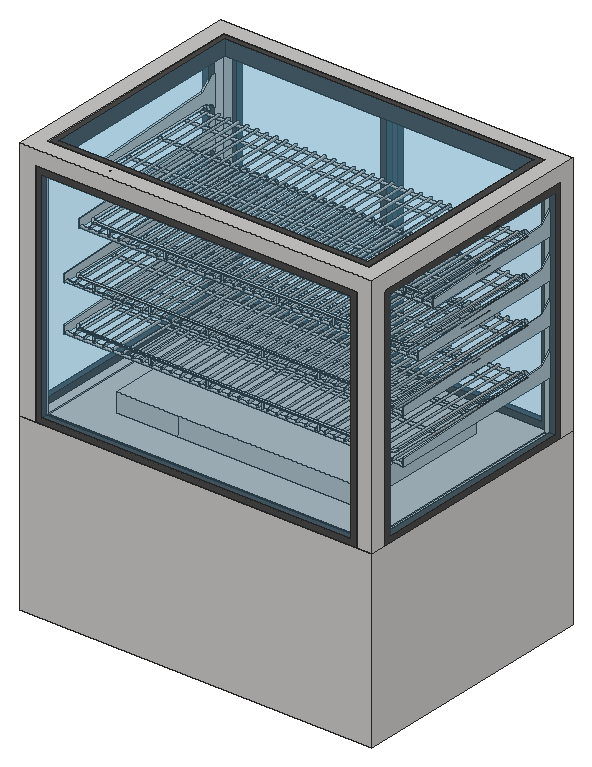
Revit family "QF_FESTIVE_RH9", category Specialty Equipment, Revit 2020
Family settings
  Round Connector Dimension = Use Diameter
  Part Type = Normal
  Work Plane-Based = No
  Always vertical = Yes
  Cut with Voids When Loaded = No
  Shared = No
  Room Calculation Point = No
Parameters (values of type "RH9_220-240/50/1")
  Weight in Kilograms = 140
  Watts = if(Phase = 3, Volts * FL Amps * 1.73, Volts * FL Amps)  # 2024 W
  Volts = 220 V
  URL Cutsheet = ""
  Specification by User = ""
  Specification by Manufacturer = ""
  Shelf Length [instance] = Length - 30 mm  # 870 mm
  Serial Number = ""
  Seismic Rating = ""
  SMACNA No = ""
  Revision Code = ""
  Phase = 1
  Number of Poles = 1
  NAFEM Spec ID Number = ""
  Model = "RH9"
  Min Ckt Ampacity = 0 A
  Max Overcurrent Protection = 0 A
  Masterspec = ""
  Manufacturer = "FESTIVE"
  Length = 900 mm
  Item Number = ""
  Installed By = ""
  Identify Quantity as Lot = yes
  Height = 1095 mm
  HP = ""
  Furnished By = ""
  Foodservice Equipment Identifier = yes
  FL Amps = 9.2 A
  Electrical Remarks = ""
  Electric Connection Type = ""
  Elec Conn RI Height = 0 mm
  Elec Conn Connection Height = 0 mm
  Description = "REGENT: HEATED"
  Depth = 640 mm
  Default Elevation = 0 mm
  Cycle = 50 Hz
  Control Panel B = Length > 600 mm  # yes
  Control Panel A = Length = 600 mm  # no
  Conn Plug = "10A Plug"
  Conn Conduit = yes
  CSI MasterFormat = ""
  Base Cover 2 [instance] = Length = 1530 mm  # no
  Base Cover 1 [instance] = Length < 1201 mm  # yes
  Apparent Power = if(Phase = 3, Volts * FL Amps * 1.73, Volts * FL Amps)  # 2024 VA
Reference planes
  plane 1 "BACK": y = 0
  plane 2: z = 0
  plane 3 "LEFT": x = 0
  plane 4 "RIGHT": x = 900
  plane 5 "FRONT": y = -640
  plane 6 "TOP": z = 1095
  plane 7 "Center Y": x = 450
  plane 8 "Center X": y = -320
  plane 9: z = 470
  plane 10: z = 25.4
  plane 11: x = 40
  plane 12: x = 860
  plane 13: x = 15
  plane 14: x = 885
  plane 15: x = 807.5
  plane 16: x = 92.5
  plane 17: y = 15
Forms (mm)
  Extrusion 1, solid, material "QF_Metal - Stainless - Brushed"
    sketch origin (-6096, 34.743, 25.4) x (0, 1, 0) y (-1, 0, 0)
      loop
        line (-34.743, -6096) -> (-674.743, -6096) -> (-674.743, -6996) -> (-34.743, -6996) -> (-34.743, -6956) -> (-634.743, -6956) -> (-634.743, -6136) -> (-34.743, -6136) -> (-34.743, -6096)
    from 0 to 444.6
  Extrusion 2, solid, material "QF_Plastic - Black - Smooth"
    sketch origin (0, 0, 0) x (0, 1, 0) y (0, 0, 1)
      loop
        line (-40, 1055) -> (-600, 1055) -> (-600, 470) -> (-40, 470) -> (-40, 1055)
      loop
        line (-55, 1040) -> (-585, 1040) -> (-585, 485) -> (-55, 485) -> (-55, 1040)
    from 0 to 15
  Extrusion 3, solid, material "QF_Metal - Stainless - Brushed"
    sketch origin (-6096, 152.961, 470) x (0, 1, 0) y (-1, 0, 0)
      loop
        line (-792.961, -6096) -> (-792.961, -6136) -> (-752.961, -6136) -> (-752.961, -6096) -> (-792.961, -6096)
      loop
        line (-792.961, -6996) -> (-752.961, -6996) -> (-752.961, -6956) -> (-792.961, -6956) -> (-792.961, -6996)
      loop
        line (-152.961, -6996) -> (-152.961, -6956) -> (-192.961, -6956) -> (-192.961, -6996) -> (-152.961, -6996)
      loop
        line (-152.961, -6096) -> (-192.961, -6096) -> (-192.961, -6136) -> (-152.961, -6136) -> (-152.961, -6096)
    from 0 to 625
  Extrusion 4, solid, material "QF_Metal - Stainless - Brushed"
    sketch origin (-975.299, -4572, 1095) x (-1, 0, 0) y (0, -1, 0)
      loop
        line (-1015.299, -3972) -> (-1835.299, -3972) -> (-1835.299, -4532) -> (-1015.299, -4532) -> (-1015.299, -3972)
      loop
        line (-975.299, -4572) -> (-975.299, -3932) -> (-1875.299, -3932) -> (-1875.299, -4572) -> (-975.299, -4572)
    from 0 to -40
  Extrusion 5, solid, material "Glass"
    sketch origin (0, 0, 0) x (0, 1, 0) y (0, 0, 1)
      loop
        line (-55, 1040) -> (-585, 1040) -> (-585, 485) -> (-55, 485) -> (-55, 1040)
    from 0 to 15
  Extrusion 6, solid, material "QF_Plastic - Black - Smooth"
    sketch origin (900, 0, 0) x (0, -1, 0) y (0, 0, 1)
      loop
        line (40, 1055) -> (40, 470) -> (600, 470) -> (600, 1055) -> (40, 1055)
      loop
        line (55, 1040) -> (55, 485) -> (585, 485) -> (585, 1040) -> (55, 1040)
    from 0 to 15
  Extrusion 7, solid, material "QF_Plastic - Black - Smooth"
    sketch origin (0, -640, 0) x (1, 0, 0) y (0, 0, 1)
      loop
        line (40, 1055) -> (40, 470) -> (860, 470) -> (860, 1055) -> (40, 1055)
      loop
        line (845, 1040) -> (55, 1040) -> (55, 485) -> (845, 485) -> (845, 1040)
    from 0 to -15
  Extrusion 8, solid, material "QF_Plastic - Black - Smooth"
    sketch origin (0, 0, 0) x (1, 0, 0) y (0, 0, 1)
      loop
        line (40, 1055) -> (40, 470) -> (465, 470) -> (465, 1055) -> (40, 1055)
      loop
        line (55, 1040) -> (55, 485) -> (450, 485) -> (450, 1040) -> (55, 1040)
    from 0 to 15
  Extrusion 9, solid, material "Glass"
    sketch origin (0, 0, 0) x (1, 0, 0) y (0, 0, 1)
      loop
        line (55, 1040) -> (55, 485) -> (450, 485) -> (450, 1040) -> (55, 1040)
    from 0 to 15
  Extrusion 10, solid, material "QF_Plastic - Black - Smooth"
    sketch origin (600, 0, 0) x (-1, 0, 0) y (0, 0, -1)
      loop
        line (-260, -1055) -> (165, -1055) -> (165, -470) -> (-260, -470) -> (-260, -1055)
      loop
        line (-245, -1040) -> (150, -1040) -> (150, -485) -> (-245, -485) -> (-245, -1040)
    from 15 to 30
  Extrusion 11, solid, material "Glass"
    sketch origin (600, 0, 0) x (-1, 0, 0) y (0, 0, -1)
      loop
        line (-245, -1040) -> (150, -1040) -> (150, -485) -> (-245, -485) -> (-245, -1040)
    from 15 to 30
  Extrusion 12, solid, material "QF_Plastic - Black - Smooth"
    sketch origin (-975.299, -4572, 1095) x (-1, 0, 0) y (0, -1, 0)
      loop
        line (-1015.299, -4532) -> (-1015.299, -3972) -> (-1835.299, -3972) -> (-1835.299, -4532) -> (-1015.299, -4532)
      loop
        line (-1820.299, -4517) -> (-1030.299, -4517) -> (-1030.299, -3987) -> (-1820.299, -3987) -> (-1820.299, -4517)
    from 0 to -40
  Extrusion 13, solid, material "Glass"
    sketch origin (-975.299, -4572, 1095) x (-1, 0, 0) y (0, -1, 0)
      loop
        line (-1820.299, -4517) -> (-1030.299, -4517) -> (-1030.299, -3987) -> (-1820.299, -3987) -> (-1820.299, -4517)
    from 0 to -40
  Extrusion 14, solid, material "Glass"
    sketch origin (900, 0, 0) x (0, -1, 0) y (0, 0, 1)
      loop
        line (55, 1040) -> (55, 485) -> (585, 485) -> (585, 1040) -> (55, 1040)
    from 0 to 15
  Extrusion 15, solid, material "Glass"
    sketch origin (0, -640, 0) x (1, 0, 0) y (0, 0, 1)
      loop
        line (845, 1040) -> (55, 1040) -> (55, 485) -> (845, 485) -> (845, 1040)
    from 0 to -15
  Extrusion 16, solid, material "QF_Metal - Stainless - Brushed"
    sketch origin (0, 0, 0) x (1, 0, 0) y (0, 0, 1)
      loop
        line (860, 376.925) -> (40, 376.925) -> (40, 70.07) -> (145, 70.07) -> (145, 31.8) -> (755, 31.8) -> (755, 69.875) -> (860, 69.875) -> (860, 376.925)
    from 0 to 600
  Extrusion 17, solid
    sketch origin (0, 0, 0) x (-1, 0, 0) y (0, 0, 1)
      loop
        circle (-745, 36.8) r 5
    from 0 to 3.2
  Extrusion 18, solid, material "QF_Metal - Stainless - Brushed"
    sketch origin (860, 0, 25.4) x (1, 0, 0) y (0, 0, -1)
      loop
        line (0, -351.525) -> (-820, -351.525) -> (-820, -444.6) -> (0, -444.6) -> (0, -351.525)
    from 0 to -600
  Extrusion 19, solid, material "QF_Metal - Stainless - Brushed", visible <- "Base Cover 1"
    sketch origin (-6096, 34.743, 470) x (0, 1, 0) y (-1, 0, 0)
      loop
        line (-165.755, -6396) -> (-165.755, -6238.5) -> (-544.743, -6238.5) -> (-544.743, -6396) -> (-544.743, -6853.5) -> (-165.755, -6853.5) -> (-165.755, -6396)
    from 0 to 48.344
  Extrusion 20, solid, material "QF_Metal - Stainless - Brushed"
    sketch origin (860, 0, 25.4) x (1, 0, 0) y (0, 0, -1)
      loop
        line (0, 0) -> (-820, 0) -> (-820, -6.4) -> (0, -6.4) -> (0, 0)
    from 0 to -3.2
  Extrusion 21, solid, material "QF_Metal - Stainless - Brushed", visible <- "Control Panel A"
    sketch origin (-6.051, 0, -9.342) x (1, 0, 0) y (0, 0, -1)
      loop
        line (852.174, -234.892) -> (852.174, -112.427) -> (755.436, -112.427) -> (755.436, -234.892) -> (852.174, -234.892)
    from 0 to 15
  Extrusion 22, solid, material "QF_Metal - Stainless - Brushed", visible <- "Control Panel B"
    sketch origin (893.949, 0, 447.758) x (0, 0, -1) y (-1, 0, 0)
      loop
        line (254.6, 250) -> (254.6, 47.826) -> (344.673, 47.826) -> (344.673, 250) -> (254.6, 250)
    from 0 to 15
  Extrusion 23, solid, material "QF_Metal - Stainless - Brushed", visible <- "Control Panel B", not visible
    sketch origin (600, 9875.408, 470) x (0, 0, -1) y (-1, 0, 0)
      loop
        line (254.6, 250) -> (254.6, 47.826) -> (344.673, 47.826) -> (344.673, 250) -> (254.6, 250)
    from 0 to 15
  Extrusion 24, solid, material "QF_Metal - Stainless - Brushed", visible <- "Base Cover 2"
    sketch origin (-6096, 34.743, 470) x (0, 1, 0) y (-1, 0, 0)
      loop
        line (-165.755, -6526) -> (-165.755, -6238.5) -> (-544.743, -6238.5) -> (-544.743, -6526) -> (-165.755, -6526)
      loop
        line (-544.743, -6853.5) -> (-165.755, -6853.5) -> (-165.755, -6566) -> (-544.743, -6566) -> (-544.743, -6853.5)
    from 0 to 48.344
Cuts and joins
  joined: Extrusion 3, Extrusion 4
Lines and regions (mm)
  Split face 1
    outline origin (-5.426, 15, -8.092) x (1, 0, 0) y (0, 0, -1)
      loop
        line (840.469, -208.689) -> (840.469, -174.314) -> (765.469, -174.314) -> (765.469, -208.689) -> (840.469, -208.689)
  Split face 2
    outline origin (-3.022, 15, -60.598) x (1, 0, 0) y (0, 0, -1)
      loop
        line (826.804, -215.73) -> (826.804, -182.915) -> (814.946, -182.915) -> (814.946, -215.73) -> (826.804, -215.73)
  Split face 3
    outline origin (1001.969, 15, 41.914) x (-1, 0, 0) y (0, 0, 1)
      loop
        line (226.804, 113.218) -> (214.946, 113.218) -> (214.946, 80.403) -> (226.804, 80.403) -> (226.804, 113.218)
  Split face 4
    outline origin (893.949, 15, 447.758) x (0, 0, -1) y (-1, 0, 0)
      loop
        line (281.242, 193.932) -> (281.242, 182.074) -> (314.057, 182.074) -> (314.057, 193.932) -> (281.242, 193.932)
  Split face 5
    outline origin (893.949, 15, 447.758) x (0, 0, -1) y (-1, 0, 0)
      loop
        line (281.242, 224.579) -> (281.242, 212.721) -> (314.057, 212.721) -> (314.057, 224.579) -> (281.242, 224.579)
  Split face 6
    outline origin (893.949, 15, 447.758) x (0, 0, -1) y (-1, 0, 0)
      loop
        line (278.739, 83.03) -> (313.114, 83.03) -> (313.114, 158.03) -> (278.739, 158.03) -> (278.739, 83.03)
  symbolic lines
    curve 1: line (0, 0, 1095) -> (900, 0, 1095)
    curve 2: line (0, -640, 1095) -> (0, 0, 1095)
    curve 3: line (900, -640, 1095) -> (0, -640, 1095)
    curve 4: line (900, 0, 1095) -> (900, -640, 1095)
    curve 5: line (40, -40, 1095) -> (860, -40, 1095)
    curve 6: line (40, -600, 1095) -> (40, -40, 1095)
    curve 7: line (860, -600, 1095) -> (40, -600, 1095)
    curve 8: line (860, -40, 1095) -> (860, -600, 1095)
    curve 9: line (55, -55, 1095) -> (845, -55, 1095)
    curve 10: line (55, -585, 1095) -> (55, -55, 1095)
    curve 11: line (845, -585, 1095) -> (55, -585, 1095)
    curve 12: line (845, -55, 1095) -> (845, -585, 1095)
  symbolic lines, visible <- "Control Panel A"
    curve 13: line (749.385, 15, 1240) -> (749.385, 0, 1240)
    curve 14: line (846.124, 15, 1240) -> (749.385, 15, 1240)
    curve 15: line (846.124, 0, 1240) -> (846.124, 15, 1240)
  symbolic lines, visible <- "Control Panel B"
    curve 16: line (643.949, 15, 1240) -> (643.949, 0, 1240)
    curve 17: line (846.124, 15, 1240) -> (643.949, 15, 1240)
    curve 18: line (846.124, 0, 1240) -> (846.124, 15, 1240)
  symbolic lines, visible <- "Control Panel B", not visible
    curve 19: line (350, 9890.408, 1262.242) -> (350, 9875.408, 1262.242)
    curve 20: line (552.174, 9890.408, 1262.242) -> (350, 9890.408, 1262.242)
    curve 21: line (552.174, 9875.408, 1262.242) -> (552.174, 9890.408, 1262.242)
Dimensions and locks
  equal spacing: plane 3 "LEFT", plane 7 "Center Y", plane 4 "RIGHT"
  "Length": plane 3 "LEFT" to plane 4 "RIGHT"
  equal spacing: plane 5 "FRONT", plane 8 "Center X", plane 1 "BACK"
  "Depth": plane 5 "FRONT" to plane 1 "BACK"
  "Height": plane 6 "TOP" to level
  plane 6 "TOP" to plane 9 to level = 625 mm, 470 mm
  plane 1 "BACK" to plane 5 "FRONT" = 640 mm
  locked: plane 11 to plane 3 "LEFT" at 40
  locked: plane 12 to plane 4 "RIGHT" at 40
  locked: plane 3 "LEFT" to plane 13 at 15
  locked: plane 4 "RIGHT" to plane 14 at 15
  locked: plane 5 "FRONT" to nested 5 at 45
  locked: plane 5 "FRONT" to nested 4 at 45
  locked: plane 15 to plane 4 "RIGHT" at 92.5
  locked: plane 16 to plane 3 "LEFT" at 92.5
  plane 16 to Extrusion 19 sketch curve = 50 mm
  plane 1 "BACK" to plane 17 = 15 mm
  locked: plane 4 "RIGHT" to Extrusion 22 at 53.876
  Extrusion 24 sketch curve to plane 7 "Center Y" to Extrusion 24 sketch curve = 20 mm locked, 20 mm locked
  aligned and locked: level to plane 2
  aligned and locked: plane 9 to Extrusion 1
  aligned and locked: plane 6 "TOP" to Extrusion 3
  aligned and locked: plane 16 to nested 3
  aligned and locked: plane 16 to nested 4
  aligned and locked: nested 6 to plane 15
  aligned and locked: nested 5 to plane 15
  aligned and locked: Extrusion 1 to Extrusion 18 sketch curve
  aligned and locked: Extrusion 18 sketch curve to Extrusion 1
  aligned and locked: plane 11 to Extrusion 20 sketch curve
Automatic sketch dimensions
  Extrusion 22 sketch curve to Extrusion 22 sketch curve = 90.073 mm
  Extrusion 22 sketch curve to Extrusion 22 sketch curve = 202.174 mm
  Extrusion 23 sketch curve to Extrusion 23 sketch curve = 90.073 mm
  Extrusion 23 sketch curve to Extrusion 23 sketch curve = 202.174 mm
  curve 17 to curve 17 = 202.174 mm
  curve 17 to curve 18 = 15 mm
  curve 16 to curve 16 = 15 mm
  curve 20 to curve 20 = 202.174 mm
  curve 20 to curve 21 = 15 mm
  curve 19 to curve 19 = 15 mm
  Extrusion 1 sketch curve to plane 3 "LEFT" = 0 mm
  plane 5 "FRONT" to Extrusion 1 sketch curve = 0 mm
  Extrusion 1 sketch curve to plane 12 = 0 mm
  Extrusion 1 sketch curve to plane 11 = 0 mm
  plane 1 "BACK" to Extrusion 1 sketch curve = 0 mm  (x2)
  Extrusion 1 sketch curve to plane 4 "RIGHT" = 0 mm
  Extrusion 1 sketch curve to plane 5 "FRONT" = 40 mm
  Extrusion 2 sketch curve to plane 9 = 0 mm
  Extrusion 2 sketch curve to plane 5 "FRONT" = 40 mm
  Extrusion 2 sketch curve to Extrusion 2 sketch curve = 15 mm  (x3)
  plane 9 to Extrusion 2 sketch curve = 15 mm
  plane 1 "BACK" to Extrusion 2 sketch curve = 55 mm
  Extrusion 2 sketch curve to plane 6 "TOP" = 55 mm
  Extrusion 3 sketch curve to plane 3 "LEFT" = 0 mm  (x2)
  plane 5 "FRONT" to Extrusion 3 sketch curve = 0 mm  (x2)
  Extrusion 3 sketch curve to plane 4 "RIGHT" = 0 mm  (x2)
  Extrusion 3 sketch curve to plane 11 = 0 mm  (x2)
  Extrusion 3 sketch curve to plane 12 = 0 mm  (x2)
  plane 1 "BACK" to Extrusion 3 sketch curve = 0 mm  (x2)
  Extrusion 3 sketch curve to plane 5 "FRONT" = 40 mm  (x2)
  Extrusion 3 sketch curve to Extrusion 3 sketch curve = 40 mm  (x2)
  plane 1 "BACK" to Extrusion 4 sketch curve = 0 mm
  Extrusion 4 sketch curve to plane 4 "RIGHT" = 0 mm
  Extrusion 4 sketch curve to plane 12 = 0 mm
  Extrusion 4 sketch curve to plane 11 = 0 mm
  Extrusion 4 sketch curve to plane 3 "LEFT" = 0 mm
  plane 5 "FRONT" to Extrusion 4 sketch curve = 0 mm
  plane 1 "BACK" to Extrusion 4 sketch curve = 40 mm
  Extrusion 4 sketch curve to plane 5 "FRONT" = 40 mm
  Extrusion 5 sketch curve to plane 5 "FRONT" = 55 mm
  plane 9 to Extrusion 5 sketch curve = 15 mm
  plane 1 "BACK" to Extrusion 5 sketch curve = 55 mm
  Extrusion 5 sketch curve to plane 6 "TOP" = 55 mm
  Extrusion 6 sketch curve to plane 9 = 0 mm
  plane 1 "BACK" to Extrusion 6 sketch curve = 40 mm
  Extrusion 6 sketch curve to Extrusion 6 sketch curve = 15 mm  (x3)
  plane 9 to Extrusion 6 sketch curve = 15 mm
  Extrusion 6 sketch curve to plane 5 "FRONT" = 55 mm
  Extrusion 6 sketch curve to plane 6 "TOP" = 55 mm
  Extrusion 7 sketch curve to plane 9 = 0 mm
  Extrusion 7 sketch curve to plane 11 = 0 mm
  plane 12 to Extrusion 7 sketch curve = 0 mm
  plane 11 to Extrusion 7 sketch curve = 15 mm
  plane 12 to Extrusion 7 sketch curve = 15 mm
  plane 9 to Extrusion 7 sketch curve = 15 mm
  Extrusion 7 sketch curve to plane 6 "TOP" = 55 mm
  Extrusion 7 sketch curve to Extrusion 7 sketch curve = 15 mm
  Extrusion 8 sketch curve to plane 9 = 0 mm
  Extrusion 8 sketch curve to plane 11 = 0 mm
  Extrusion 8 sketch curve to plane 7 "Center Y" = 0 mm
  plane 11 to Extrusion 8 sketch curve = 15 mm
  plane 7 "Center Y" to Extrusion 8 sketch curve = 15 mm
  plane 9 to Extrusion 8 sketch curve = 15 mm
  Extrusion 8 sketch curve to plane 6 "TOP" = 55 mm
  Extrusion 8 sketch curve to Extrusion 8 sketch curve = 15 mm
  Extrusion 9 sketch curve to plane 7 "Center Y" = 0 mm
  plane 11 to Extrusion 9 sketch curve = 15 mm
  plane 9 to Extrusion 9 sketch curve = 15 mm
  Extrusion 9 sketch curve to plane 6 "TOP" = 55 mm
  Extrusion 10 sketch curve to plane 9 = 0 mm
  plane 12 to Extrusion 10 sketch curve = 0 mm
  Extrusion 10 sketch curve to plane 7 "Center Y" = 0 mm
  Extrusion 10 sketch curve to plane 12 = 15 mm
  plane 7 "Center Y" to Extrusion 10 sketch curve = 15 mm
  Extrusion 10 sketch curve to plane 9 = 15 mm
  plane 6 "TOP" to Extrusion 10 sketch curve = 55 mm
  Extrusion 10 sketch curve to Extrusion 10 sketch curve = 15 mm
  Extrusion 11 sketch curve to plane 7 "Center Y" = 0 mm
  Extrusion 11 sketch curve to plane 12 = 15 mm
  Extrusion 11 sketch curve to plane 9 = 15 mm
  plane 6 "TOP" to Extrusion 11 sketch curve = 55 mm
  Extrusion 12 sketch curve to plane 12 = 0 mm
  Extrusion 12 sketch curve to plane 11 = 0 mm
  plane 12 to Extrusion 12 sketch curve = 15 mm
  plane 11 to Extrusion 12 sketch curve = 15 mm
  plane 1 "BACK" to Extrusion 12 sketch curve = 40 mm
  Extrusion 12 sketch curve to Extrusion 12 sketch curve = 15 mm  (x2)
  Extrusion 12 sketch curve to plane 5 "FRONT" = 55 mm
  plane 12 to Extrusion 13 sketch curve = 15 mm
  plane 11 to Extrusion 13 sketch curve = 15 mm
  plane 1 "BACK" to Extrusion 13 sketch curve = 55 mm
  Extrusion 13 sketch curve to plane 5 "FRONT" = 55 mm
  plane 1 "BACK" to Extrusion 14 sketch curve = 55 mm
  plane 9 to Extrusion 14 sketch curve = 15 mm
  Extrusion 14 sketch curve to plane 5 "FRONT" = 55 mm
  Extrusion 14 sketch curve to plane 6 "TOP" = 55 mm
  plane 1 "BACK" to curve 1 = 0 mm
  curve 1 to plane 4 "RIGHT" = 0 mm
  curve 8 to plane 12 = 0 mm
  curve 5 to plane 11 = 0 mm
  curve 3 to plane 3 "LEFT" = 0 mm
  plane 5 "FRONT" to curve 3 = 0 mm
  plane 12 to curve 12 = 15 mm
  plane 11 to curve 10 = 15 mm
  plane 1 "BACK" to curve 5 = 40 mm
  curve 5 to curve 9 = 15 mm
  curve 12 to plane 5 "FRONT" = 55 mm
  curve 10 to curve 7 = 15 mm
  plane 11 to Extrusion 15 sketch curve = 15 mm
  plane 12 to Extrusion 15 sketch curve = 15 mm
  plane 9 to Extrusion 15 sketch curve = 15 mm
  Extrusion 15 sketch curve to plane 6 "TOP" = 55 mm
  Extrusion 16 sketch curve to plane 11 = 0 mm
  plane 12 to Extrusion 16 sketch curve = 0 mm
  plane 10 to Extrusion 16 sketch curve = 6.4 mm
  plane 16 to Extrusion 16 sketch curve = 52.5 mm
  plane 15 to Extrusion 16 sketch curve = 52.5 mm
  plane 10 to Extrusion 16 sketch curve = 44.475 mm
  Extrusion 16 sketch curve to Extrusion 16 sketch curve = 38.27 mm
  Extrusion 16 sketch curve to plane 9 = 93.075 mm
  Extrusion 17 sketch curve to Extrusion 16 = 10 mm
  Extrusion 17 sketch curve to Extrusion 16 = 5 mm
  Extrusion 18 sketch curve to Extrusion 1 = 0 mm
  Extrusion 1 to Extrusion 18 sketch curve = 93.075 mm
  Extrusion 1 to Extrusion 19 sketch curve = 90 mm
  Extrusion 19 sketch curve to Extrusion 1 = 131.012 mm
  Extrusion 19 sketch curve to Extrusion 19 sketch curve = 157.5 mm  (x2)
  Extrusion 1 to Extrusion 19 sketch curve = 102.5 mm
  Extrusion 20 sketch curve to Extrusion 1 = 0 mm  (x2)
  Extrusion 20 sketch curve to Extrusion 20 sketch curve = 6.4 mm
  plane 15 to Extrusion 21 sketch curve = 58.115 mm
  plane 12 to Extrusion 21 sketch curve = 13.876 mm
  plane 10 to Extrusion 21 sketch curve = 200.149 mm
  plane 10 to Extrusion 21 sketch curve = 77.684 mm
  Split face 1 sketch curve to Extrusion 21 = 10.658 mm
  Split face 1 sketch curve to Extrusion 21 = 11.081 mm
  Split face 1 sketch curve to Extrusion 21 = 24.952 mm
  Split face 1 sketch curve to Split face 1 sketch curve = 34.375 mm
  Split face 2 sketch curve to Extrusion 21 = 34.2 mm
  Split face 2 sketch curve to Split face 2 sketch curve = 11.857 mm
  Split face 2 sketch curve to Extrusion 21 = 52.047 mm
  Split face 2 sketch curve to Extrusion 21 = 19.232 mm
  Split face 3 sketch curve to Extrusion 21 = 37.637 mm
  Split face 3 sketch curve to Split face 3 sketch curve = 11.857 mm
  Split face 3 sketch curve to Extrusion 21 = 19.232 mm
  Split face 3 sketch curve to Split face 3 sketch curve = 32.815 mm
  Split face 4 sketch curve to Extrusion 22 = 26.642 mm
  Split face 4 sketch curve to Extrusion 22 = 30.616 mm
  Split face 4 sketch curve to Extrusion 22 = 67.926 mm
  Split face 4 sketch curve to Split face 4 sketch curve = 11.857 mm
  Split face 5 sketch curve to Extrusion 22 = 26.642 mm
  Split face 5 sketch curve to Extrusion 22 = 30.616 mm
  Split face 5 sketch curve to Extrusion 22 = 37.279 mm
  Split face 5 sketch curve to Split face 5 sketch curve = 11.857 mm
  Split face 6 sketch curve to Extrusion 22 = 24.139 mm
  Split face 6 sketch curve to Extrusion 22 = 31.559 mm
  Split face 6 sketch curve to Extrusion 22 = 35.205 mm
  Split face 6 sketch curve to Split face 6 sketch curve = 75 mm
  plane 1 "BACK" to curve 15 = 0 mm
  curve 14 to plane 17 = 0 mm
  plane 1 "BACK" to curve 13 = 0 mm
  plane 12 to curve 14 = 13.876 mm
  plane 15 to curve 14 = 58.115 mm
  Extrusion 1 to Extrusion 24 sketch curve = 90 mm
  Extrusion 24 sketch curve to Extrusion 24 sketch curve = 0 mm  (x2)
  Extrusion 24 sketch curve to Extrusion 1 = 131.012 mm
  Extrusion 1 to Extrusion 24 sketch curve = 102.5 mm  (x2)
  radius of Extrusion 17 sketch curve = 5 mm
Nested families
  nested 1: "PARAMETRIC SHELF" at (15, -40, 832.321), Length <- "Shelf Length", type "PARAMETRIC SHELF"
    with Rail Depth 382 mm, Rail 2 6, No. of Rail 34, Length 870 mm, Depth 432 mm
  nested 2: "PARAMETRIC SHELF" at (15, -40, 728.214), Length <- "Shelf Length", type "PARAMETRIC SHELF"
    with Rail Depth 430 mm, Rail 2 6, No. of Rail 34, Length 870 mm, Depth 480 mm
  nested 3: "3 INCHES 01_CASTER" at (92.5, -65, 0), type "3 INCHES 01_CASTER"
    with Type Mark "", Specification by User "", Revision Code "", Item Number "", Installed By "", Identify Quantity as Lot yes, Furnished By "", Foodservice Equipment Identifier yes, 3 Inches Caster yes
  nested 4: "3 INCHES 01_CASTER" at (92.5, -595, 0), type "3 INCHES 01_CASTER"
    with Type Mark "", Specification by User "", Revision Code "", Item Number "", Installed By "", Identify Quantity as Lot yes, Furnished By "", Foodservice Equipment Identifier yes, 3 Inches Caster yes
  nested 5: "3 INCHES 01_CASTER" at (807.5, -595, 0), type "3 INCHES 01_CASTER"
    with Type Mark "", Specification by User "", Revision Code "", Item Number "", Installed By "", Identify Quantity as Lot yes, Furnished By "", Foodservice Equipment Identifier yes, 3 Inches Caster yes
  nested 6: "3 INCHES 01_CASTER" at (807.5, -65, 0), type "3 INCHES 01_CASTER"
    with Type Mark "", Specification by User "", Revision Code "", Item Number "", Installed By "", Identify Quantity as Lot yes, Furnished By "", Foodservice Equipment Identifier yes, 3 Inches Caster yes
  nested 7: "PARAMETRIC SHELF" at (15, -40, 932.679), Length <- "Shelf Length", type "PARAMETRIC SHELF"
    with Rail Depth 335 mm, Rail 2 6, No. of Rail 34, Length 870 mm, Depth 385 mm
  nested 8: "PARAMETRIC SHELF" at (15, -40, 610.357), Length <- "Shelf Length", type "PARAMETRIC SHELF"
    with Rail Depth 430 mm, Rail 2 6, No. of Rail 34, Length 870 mm, Depth 480 mm
Connectors
  electrical at (745, 3.2, 36.8), driven by "Volts", driven by "Watts"
    settings: on Extrusion 17, index 2, voltage 220 V, apparent load 2024 VA, apparent load phase1 0 VA, apparent load phase2 0 VA, apparent load phase3 0 VA, power factor 1, load classification "Other", number of poles 1, system type 30, power factor state 1, is connector primary yes, connector utility no, sub classification motor no, connector description "ELECTRICAL CONNECTION"
Definition of nested family "PARAMETRIC SHELF"
  Parameters (values of type "PARAMETRIC SHELF")
    Weight in Pounds = 0
    URL Cutsheet = ""
    Specification by User = ""
    Specification by Manufacturer = ""
    Serial Number = ""
    Seismic Rating = ""
    SMACNA No = ""
    Revision Code = ""
    Rail Depth [instance] = Depth - 50 mm  # 367 mm
    Rail 2 [instance] = Length / 150 mm  # 4
    No. of Rail [instance] = Length / 25.4 mm  # 24
    NAFEM Spec ID Number = ""
    Masterspec = ""
    Length [instance] = 600 mm
    Item Number = ""
    Installed By = ""
    Identify Quantity as Lot = yes
    Height = 220 mm
    Furnished By = ""
    Foodservice Equipment Identifier = yes
    Depth [instance] = 417 mm
    Default Elevation = 0 mm
    CSI MasterFormat = ""
  Reference planes
    plane 1 "BACK": y = 0
    plane 2: z = 0
    plane 3 "LEFT": x = 0
    plane 4 "RIGHT": x = 600
    plane 5 "FRONT": y = -417
    plane 6 "TOP": z = 220
    plane 7 "Center Y": x = 300
    plane 8 "Center X": y = -208.5
    plane 9: x = 28.6
    plane 10: x = 571.4
    plane 11: x = 3.2
    plane 12: x = 596.8
  Forms (mm)
    Extrusion 1, solid
      sketch origin (0, -4517, 280.761) x (0, 0, 1) y (0, -1, 0)
        loop
          line (-244.023, -4477) -> (-261.193, -4100) -> (-280.761, -4100) -> (-280.761, -4502.438) -> (-295.323, -4517) -> (-217.773, -4517) -> (-217.773, -4508.448) -> (-244.023, -4477)
      from 0 to 3.2
    Extrusion 2, solid
      sketch origin (600, 0, 0) x (0, -1, 0) y (0, 0, 1)
        loop
          line (40, 36.738) -> (8.552, 62.988) -> (0, 62.988) -> (0, -14.562) -> (14.562, 0) -> (417, 0) -> (417, 19.568) -> (40, 36.738)
      from 0 to 3.2
    Extrusion 3, solid
      sketch origin (3.2, -4572, 62.788) x (0, 0, 1) y (0, -1, 0)
        loop
          circle (-59.788, -4158) r 3
        loop
          circle (-59.788, -4268) r 3
        loop
          circle (-59.788, -4368) r 3
        loop
          circle (-59.788, -4471.515) r 3
        loop
          circle (-59.788, -4519.015) r 3
      from 0 to 593.6
    Extrusion 4, solid
      sketch origin (20.4, -417, 21.873) x (0, 0, 1) y (1, 0, 0)
        loop
          circle (-13.368, 8.2) r 2.5
      from 0 to 367 <- "Rail Depth"
    Extrusion 5, solid
      sketch origin (563.2, -417, 21.873) x (0, 0, 1) y (1, 0, 0)
        loop
          circle (-13.368, 8.2) r 2.5
      from 0 to 367 <- "Rail Depth"
    Extrusion 6, solid
      sketch origin (44, -417, 21.873) x (0, 0, 1) y (1, 0, 0)
        loop
          circle (-13.368, 8.2) r 2.5
      from 0 to 367 <- "Rail Depth"
    Extrusion 7, solid
      sketch origin (67.6, -417, 21.873) x (0, 0, 1) y (1, 0, 0)
        loop
          circle (-13.368, 8.2) r 2.5
      from 0 to 367 <- "Rail Depth"
    Extrusion 8, solid
      sketch origin (91.2, -417, 21.873) x (0, 0, 1) y (1, 0, 0)
        loop
          circle (-13.368, 8.2) r 2.5
      from 0 to 367 <- "Rail Depth"
    Extrusion 9, solid
      sketch origin (114.8, -417, 21.873) x (0, 0, 1) y (1, 0, 0)
        loop
          circle (-13.368, 8.2) r 2.5
      from 0 to 367 <- "Rail Depth"
    Extrusion 10, solid
      sketch origin (138.4, -417, 21.873) x (0, 0, 1) y (1, 0, 0)
        loop
          circle (-13.368, 8.2) r 2.5
      from 0 to 367 <- "Rail Depth"
    Extrusion 11, solid
      sketch origin (162, -417, 21.873) x (0, 0, 1) y (1, 0, 0)
        loop
          circle (-13.368, 8.2) r 2.5
      from 0 to 367 <- "Rail Depth"
    Extrusion 12, solid
      sketch origin (185.6, -417, 21.873) x (0, 0, 1) y (1, 0, 0)
        loop
          circle (-13.368, 8.2) r 2.5
      from 0 to 367 <- "Rail Depth"
    Extrusion 13, solid
      sketch origin (209.2, -417, 21.873) x (0, 0, 1) y (1, 0, 0)
        loop
          circle (-13.368, 8.2) r 2.5
      from 0 to 367 <- "Rail Depth"
    Extrusion 14, solid
      sketch origin (232.8, -417, 21.873) x (0, 0, 1) y (1, 0, 0)
        loop
          circle (-13.368, 8.2) r 2.5
      from 0 to 367 <- "Rail Depth"
    Extrusion 15, solid
      sketch origin (256.4, -417, 21.873) x (0, 0, 1) y (1, 0, 0)
        loop
          circle (-13.368, 8.2) r 2.5
      from 0 to 367 <- "Rail Depth"
    Extrusion 16, solid
      sketch origin (280, -417, 21.873) x (0, 0, 1) y (1, 0, 0)
        loop
          circle (-13.368, 8.2) r 2.5
      from 0 to 367 <- "Rail Depth"
    Extrusion 17, solid
      sketch origin (303.6, -417, 21.873) x (0, 0, 1) y (1, 0, 0)
        loop
          circle (-13.368, 8.2) r 2.5
      from 0 to 367 <- "Rail Depth"
    Extrusion 18, solid
      sketch origin (327.2, -417, 21.873) x (0, 0, 1) y (1, 0, 0)
        loop
          circle (-13.368, 8.2) r 2.5
      from 0 to 367 <- "Rail Depth"
    Extrusion 19, solid
      sketch origin (350.8, -417, 21.873) x (0, 0, 1) y (1, 0, 0)
        loop
          circle (-13.368, 8.2) r 2.5
      from 0 to 367 <- "Rail Depth"
    Extrusion 20, solid
      sketch origin (374.4, -417, 21.873) x (0, 0, 1) y (1, 0, 0)
        loop
          circle (-13.368, 8.2) r 2.5
      from 0 to 367 <- "Rail Depth"
    Extrusion 21, solid
      sketch origin (398, -417, 21.873) x (0, 0, 1) y (1, 0, 0)
        loop
          circle (-13.368, 8.2) r 2.5
      from 0 to 367 <- "Rail Depth"
    Extrusion 22, solid
      sketch origin (421.6, -417, 21.873) x (0, 0, 1) y (1, 0, 0)
        loop
          circle (-13.368, 8.2) r 2.5
      from 0 to 367 <- "Rail Depth"
    Extrusion 23, solid
      sketch origin (445.2, -417, 21.873) x (0, 0, 1) y (1, 0, 0)
        loop
          circle (-13.368, 8.2) r 2.5
      from 0 to 367 <- "Rail Depth"
    Extrusion 24, solid
      sketch origin (468.8, -417, 21.873) x (0, 0, 1) y (1, 0, 0)
        loop
          circle (-13.368, 8.2) r 2.5
      from 0 to 367 <- "Rail Depth"
    Extrusion 25, solid
      sketch origin (492.4, -417, 21.873) x (0, 0, 1) y (1, 0, 0)
        loop
          circle (-13.368, 8.2) r 2.5
      from 0 to 367 <- "Rail Depth"
    Extrusion 26, solid
      sketch origin (516, -417, 21.873) x (0, 0, 1) y (1, 0, 0)
        loop
          circle (-13.368, 8.2) r 2.5
      from 0 to 367 <- "Rail Depth"
    Extrusion 27, solid
      sketch origin (539.6, -417, 21.873) x (0, 0, 1) y (1, 0, 0)
        loop
          circle (-13.368, 8.2) r 2.5
      from 0 to 367 <- "Rail Depth"
    Sweep 28, solid
      path origin (0, 0, 0) x (1, 0, 0) y (0, 1, 0)
        loop
          line (571.4, -70) -> (571.4, -404)
          arc (571.4, -404) -> (568.471, -411.071) -> (561.4, -414) r 10
          line (561.4, -414) -> (38.6, -414)
          arc (38.6, -414) -> (31.529, -411.071) -> (28.6, -404) r 10
          line (28.6, -404) -> (28.6, -70)
      profile origin (571.4, -237, 0) x (1, 0, 0) y (0, 0, 1)
        loop
          circle (0, 23.505) r 2.5
    Sweep 29, solid
      path origin (28.6, -4572, 11.2) x (0, 0, 1) y (0, -1, 0)
        loop
          line (12.305, -4502) -> (12.305, -4509.015)
          arc (12.305, -4509.015) -> (9.376, -4516.086) -> (2.305, -4519.015) r 10
          line (2.305, -4519.015) -> (-0.376, -4519.015)
      profile origin (28.6, -66.493, 23.505) x (0, 0, 1) y (1, 0, 0)
        loop
          circle (0, 0) r 2.5
    Sweep 30, solid
      path origin (571.4, -4572, 11.2) x (0, 0, 1) y (0, -1, 0)
        loop
          line (12.305, -4502) -> (12.305, -4509.015)
          arc (12.305, -4509.015) -> (9.376, -4516.086) -> (2.305, -4519.015) r 10
          line (2.305, -4519.015) -> (-0.376, -4519.015)
      profile origin (571.4, -66.493, 23.505) x (0, 0, -1) y (-1, 0, 0)
        loop
          circle (0, 0) r 2.5
    Extrusion 31, solid
      sketch origin (0, 0, 0) x (1, 0, 0) y (0, 1, 0)
        loop
          circle (75.8, -414.118) r 2
      from 5.989 to 23.272
    Extrusion 32, solid
      sketch origin (448.4, 0, 0) x (1, 0, 0) y (0, 1, 0)
        loop
          circle (75.8, -414.118) r 2
      from 5.989 to 23.272
    Extrusion 33, solid
      sketch origin (149.467, 0, 0) x (1, 0, 0) y (0, 1, 0)
        loop
          circle (75.8, -414.118) r 2
      from 5.989 to 23.272
    Extrusion 34, solid
      sketch origin (298.933, 0, 0) x (1, 0, 0) y (0, 1, 0)
        loop
          circle (75.8, -414.118) r 2
      from 5.989 to 23.272
  Cuts and joins
    joined: Sweep 28, Sweep 29, Sweep 30
  Lines and regions (mm)
    symbolic lines
      curve 1: line (0, 0, 0) -> (600, 0, 0)
      curve 2: line (0, -417, 0) -> (0, 0, 0)
      curve 3: line (600, -417, 0) -> (0, -417, 0)
      curve 4: line (600, 0, 0) -> (600, -417, 0)
  Dimensions and locks
    equal spacing: plane 3 "LEFT", plane 7 "Center Y", plane 4 "RIGHT"
    "Length": plane 3 "LEFT" to plane 4 "RIGHT"
    equal spacing: plane 5 "FRONT", plane 8 "Center X", plane 1 "BACK"
    "Depth": plane 5 "FRONT" to plane 1 "BACK"
    "Height": plane 6 "TOP" to level
    locked: plane 9 to plane 3 "LEFT" at 28.6
    locked: plane 10 to plane 4 "RIGHT" at 28.6
    locked: plane 12 to plane 4 "RIGHT" at 3.2
    locked: plane 11 to plane 3 "LEFT" at 3.2
    equal spacing: group 1, group 3, group 4, group 5, group 6, group 7, group 8, group 9, group 10, group 11, group 12, group 13, group 14, group 15, group 16, group 17, group 18, group 19, group 20, group 21, group 22, group 23, group 24, group 2  (x3)
    plane 1 "BACK" to Extrusion 3 sketch curve to Extrusion 3 sketch curve = 52.985 mm locked, 47.5 mm locked
    locked: Sweep 28 sketch curve to plane 1 "BACK" at 70  (x2)
    equal spacing: group 25, group 27, group 28, group 26  (x3)
    locked: Extrusion 31 to plane 3 "LEFT" at 73.8
    locked: Extrusion 32 to plane 4 "RIGHT" at 73.8
    locked: Extrusion 31 to plane 5 "FRONT" at 2.882
    locked: Extrusion 32 to plane 5 "FRONT" at 2.882
    aligned and locked: level to plane 2
    aligned and locked: Extrusion 3 to plane 12
    aligned and locked: plane 5 "FRONT" to Extrusion 4
    aligned and locked: plane 5 "FRONT" to Extrusion 5
    aligned and locked: plane 10 to Extrusion 5
  Automatic sketch dimensions
    Extrusion 1 sketch curve to plane 1 "BACK" = 0 mm
    Extrusion 1 sketch curve to level = 0 mm
    Extrusion 1 sketch curve to plane 5 "FRONT" = 0 mm
    Extrusion 1 sketch curve to level = 14.562 mm
    level to Extrusion 1 sketch curve = 19.568 mm
    level to Extrusion 1 sketch curve = 36.738 mm
    plane 1 "BACK" to Extrusion 1 sketch curve = 8.552 mm
    Extrusion 1 sketch curve to Extrusion 1 sketch curve = 26.25 mm
    plane 1 "BACK" to Extrusion 1 sketch curve = 14.562 mm
    plane 1 "BACK" to Extrusion 1 sketch curve = 40 mm
    Extrusion 2 sketch curve to plane 1 "BACK" = 0 mm
    Extrusion 2 sketch curve to level = 0 mm
    Extrusion 2 sketch curve to plane 5 "FRONT" = 0 mm
    plane 1 "BACK" to Extrusion 2 sketch curve = 8.552 mm
    plane 1 "BACK" to Extrusion 2 sketch curve = 14.562 mm
    plane 1 "BACK" to Extrusion 2 sketch curve = 40 mm
    Extrusion 2 sketch curve to level = 14.562 mm
    level to Extrusion 2 sketch curve = 19.568 mm
    level to Extrusion 2 sketch curve = 36.738 mm
    Extrusion 2 sketch curve to Extrusion 2 sketch curve = 26.25 mm
    level to Extrusion 3 sketch curve = 3 mm  (x5)
    plane 8 "Center X" to Extrusion 3 sketch curve = 4.5 mm
    Extrusion 3 sketch curve to plane 8 "Center X" = 95.5 mm
    Extrusion 3 sketch curve to plane 5 "FRONT" = 3 mm
    Sweep 28 sketch curve to plane 9 = 0 mm
    Sweep 28 sketch curve to plane 10 = 0 mm
    Sweep 28 sketch curve to plane 5 "FRONT" = 3 mm
    plane 9 to Sweep 28 sketch curve = 10 mm
    Sweep 28 sketch curve to Sweep 28 sketch curve = 10 mm
    profile plane to Sweep 28 sketch curve = 0 mm
    level to Sweep 28 sketch curve = 23.505 mm
    level to Sweep 29 sketch curve = 13.505 mm
    Sweep 29 sketch curve to Sweep 29 sketch curve = 10 mm
    plane 1 "BACK" to Sweep 29 sketch curve = 52.985 mm
    Sweep 29 sketch curve to Sweep 29 sketch curve = 2.68 mm
    Sweep 29 sketch curve to Sweep 29 sketch curve = 7.015 mm
    Sweep 29 sketch curve to plane 9 = 0 mm
    Sweep 29 sketch curve to profile plane = 0 mm
    Sweep 30 sketch curve to profile plane = 0 mm
    profile plane to Sweep 30 sketch curve = 0 mm
    Sweep 30 sketch curve to level = 13.505 mm
    Sweep 30 sketch curve to Sweep 30 sketch curve = 10 mm
    Sweep 30 sketch curve to plane 1 "BACK" = 52.985 mm
    Sweep 30 sketch curve to Sweep 30 sketch curve = 2.68 mm
    Sweep 30 sketch curve to Sweep 30 sketch curve = 7.015 mm
    curve 3 to plane 3 "LEFT" = 0 mm
    curve 3 to plane 4 "RIGHT" = 0 mm
    plane 5 "FRONT" to curve 3 = 0 mm
    plane 1 "BACK" to curve 2 = 0 mm
    radius of Extrusion 4 sketch curve = 2.5 mm
    radius of Extrusion 5 sketch curve = 2.5 mm
    radius of Extrusion 6 sketch curve = 2.5 mm
    radius of Extrusion 7 sketch curve = 2.5 mm
    radius of Extrusion 8 sketch curve = 2.5 mm
    radius of Extrusion 9 sketch curve = 2.5 mm
    radius of Extrusion 10 sketch curve = 2.5 mm
    radius of Extrusion 11 sketch curve = 2.5 mm
    radius of Extrusion 12 sketch curve = 2.5 mm
    radius of Extrusion 13 sketch curve = 2.5 mm
    radius of Extrusion 14 sketch curve = 2.5 mm
    radius of Extrusion 15 sketch curve = 2.5 mm
    radius of Extrusion 16 sketch curve = 2.5 mm
    radius of Extrusion 17 sketch curve = 2.5 mm
    radius of Extrusion 18 sketch curve = 2.5 mm
    radius of Extrusion 19 sketch curve = 2.5 mm
    radius of Extrusion 20 sketch curve = 2.5 mm
    radius of Extrusion 21 sketch curve = 2.5 mm
    radius of Extrusion 22 sketch curve = 2.5 mm
    radius of Extrusion 23 sketch curve = 2.5 mm
    radius of Extrusion 24 sketch curve = 2.5 mm
    radius of Extrusion 25 sketch curve = 2.5 mm
    radius of Extrusion 26 sketch curve = 2.5 mm
    radius of Extrusion 27 sketch curve = 2.5 mm
    radius of Extrusion 3 sketch curve = 3 mm  (x5)
    radius of Sweep 28 sketch curve = 2.5 mm
    radius of Sweep 29 sketch curve = 2.5 mm
    radius of Sweep 30 sketch curve = 2.5 mm
    radius of Extrusion 31 sketch curve = 2 mm
    radius of Extrusion 32 sketch curve = 2 mm
    radius of Extrusion 33 sketch curve = 2 mm
    radius of Extrusion 34 sketch curve = 2 mm
Definition of nested family "3 INCHES 01_CASTER"
  Parameters (values of type "3 INCHES 01_CASTER")
    Weight = ""
    URL Manufacturer = ""
    URL Cutsheet = ""
    URL = ""
    Type Mark [instance] = ""
    Specification by User [instance] = ""
    Specification by Manufacturer = ""
    Serial Number = ""
    Seismic Rating = ""
    SMACNA No = ""
    Revision Code [instance] = ""
    Omniclass Number and Title = ""
    NAFEM Spec ID Number = ""
    Model = ""
    MasterSpec. = ""
    Manufacturer = ""
    Item Number [instance] = ""
    Installed By [instance] = ""
    Identify Quantity as Lot [instance] = yes
    Furnished By [instance] = ""
    Foodservice Equipment Identifier [instance] = yes
    Description = ""
    Default Elevation = 0 mm
    CSI MasterFormat = ""
    CSI Master Format = ""
    Assembly Code = ""
    3 Inches Caster [instance] = yes
  Reference planes
    plane 1: z = 0
    plane 2 "RIGHT": x = 0
    plane 3 "FRONT": y = 0
    plane 4 "TOP": z = 79.375
  Forms (mm)
    Revolve 1, solid, visible <- "3 Inches Caster"
      sketch origin (-49.224, 14.225, -25.504) x (1, 0, 0) y (0, 0, 1)
        loop
          line (18.81, 53.682) -> (18.81, 51.765) -> (20.08, 50.495) -> (21.604, 50.495) -> (21.604, 47.445) -> (31.369, 47.445) -> (31.369, 43.353) -> (34.656, 41.455) -> (35.568, 35.823) -> (34.131, 35.823) -> (34.131, 32.648) -> (34.925, 32.648) -> (34.925, 25.504) -> (63.103, 25.504) -> (63.103, 32.648) -> (63.897, 32.648) -> (63.897, 35.823) -> (62.461, 35.823) -> (63.387, 41.544) -> (66.659, 43.434) -> (66.659, 47.445) -> (77.218, 47.445) -> (77.218, 50.495) -> (78.742, 50.495) -> (80.012, 51.765) -> (80.012, 53.682) -> (18.81, 53.682)
        axis (18.81, 53.682) -> (80.012, 53.682)
      angle from 0 to 360
    Extrusion 2, solid, visible <- "3 Inches Caster"
      sketch origin (-49.224, 34.365, -82.654) x (0, 1, 0) y (0, 0, 1)
        loop
          line (-10.438, 149.046) -> (-10.438, 152.724) -> (-58.291, 152.724) -> (-58.291, 145.096) -> (-46.304, 145.096)
          arc (-46.304, 145.096) -> (-25.478, 142.206) -> (-4.976, 137.538) r 244.683
          arc (-4.976, 137.538) -> (3.212, 134.488) -> (10.725, 130.027) r 48.783
          line (10.725, 130.027) -> (13.034, 133.223)
          arc (13.034, 133.223) -> (6.948, 137.813) -> (0.305, 141.552) r 57.159
          line (0.305, 141.552) -> (2.38, 145.142)
          arc (2.38, 145.142) -> (-3.879, 147.585) -> (-10.438, 149.046) r 43.98
      from 29.809 to 68.639
    Revolve 3, solid, visible <- "3 Inches Caster"
      sketch origin (0, 44.16, -82.55) x (0, 1, 0) y (0, 0, 1)
        loop
          line (-44.16, 161.925) -> (-44.16, 152.62) -> (-23.696, 152.62) -> (-23.696, 161.925) -> (-44.16, 161.925)
        axis (-44.16, 152.62) -> (-44.16, 161.925)
      angle from 0 to 360
    Extrusion 4, solid, visible <- "3 Inches Caster"
      sketch origin (-50.414, 34.365, -44.554) x (0, 1, 0) y (0, 0, 1)
        loop
          line (-58.291, 114.624) -> (-58.291, 106.996) -> (-56.068, 106.996)
          arc (-56.068, 106.996) -> (-40.334, 98.348) -> (-33.282, 81.837) r 27.521
          arc (-33.282, 81.837) -> (-32.335, 75.873) -> (-30.382, 70.158) r 35.169
          arc (-30.382, 70.158) -> (-19.737, 63.435) -> (-9.498, 70.763) r 11.278
          arc (-9.498, 70.763) -> (-9.015, 72.239) -> (-8.655, 73.751) r 18.805
          arc (-8.655, 73.751) -> (-1.855, 86.085) -> (10.869, 92.126) r 22.956
          line (10.869, 92.126) -> (13.034, 95.123)
          arc (13.034, 95.123) -> (6.948, 99.713) -> (0.305, 103.452) r 57.159
          line (0.305, 103.452) -> (2.38, 107.042)
          arc (2.38, 107.042) -> (-3.879, 109.485) -> (-10.438, 110.946) r 43.98
          line (-10.438, 110.946) -> (-10.438, 114.624) -> (-58.291, 114.624)
      from 69.829 to 73.87
    Extrusion 5, solid, visible <- "3 Inches Caster"
      sketch origin (50.414, 34.365, -44.554) x (0, 1, 0) y (0, 0, -1)
        loop
          line (-58.291, -114.624) -> (-10.438, -114.624) -> (-10.438, -110.946)
          arc (-10.438, -110.946) -> (-3.879, -109.485) -> (2.38, -107.042) r 43.98
          line (2.38, -107.042) -> (0.305, -103.452)
          arc (0.305, -103.452) -> (6.948, -99.713) -> (13.034, -95.123) r 57.159
          line (13.034, -95.123) -> (10.869, -92.126)
          arc (10.869, -92.126) -> (-1.855, -86.085) -> (-8.655, -73.751) r 22.956
          arc (-8.655, -73.751) -> (-9.015, -72.239) -> (-9.498, -70.763) r 18.805
          arc (-9.498, -70.763) -> (-19.737, -63.435) -> (-30.382, -70.158) r 11.278
          arc (-30.382, -70.158) -> (-32.335, -75.873) -> (-33.282, -81.837) r 35.169
          arc (-33.282, -81.837) -> (-40.334, -98.348) -> (-56.068, -106.996) r 27.521
          line (-56.068, -106.996) -> (-58.291, -106.996) -> (-58.291, -114.624)
      from 69.829 to 73.87
  Cuts and joins
    joined: Extrusion 2, Extrusion 4, Extrusion 5
  Lines and regions (mm)
    symbolic lines, visible <- "3 Inches Caster"
      curve 1: line (4.767, 41.959, 0) -> (22.622, 31.651, 0)
      curve 2: line (-25.444, -10.369, 0) -> (4.767, 41.959, 0)
      curve 3: line (-7.59, -20.677, 0) -> (-25.444, -10.369, 0)
      curve 4: line (22.622, 31.651, 0) -> (-7.59, -20.677, 0)
  Dimensions and locks
    plane 4 "TOP" to level = 79.375 mm  (x2)
    aligned and locked: level to plane 1
